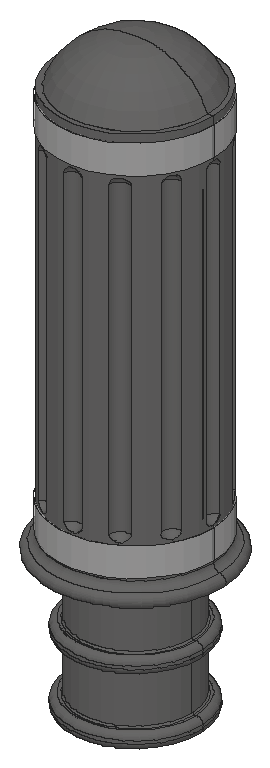
Revit family "Pilona Milos", category Furniture, Revit 2020
Family settings
  OmniClass Number = 23.40.20.00
  OmniClass Title = General Furniture and Specialties
  Work Plane-Based = No
  Always vertical = Yes
  Cut with Voids When Loaded = No
  Shared = No
  Room Calculation Point = No
Parameters (values of type "Pilona Milos-H415-175mm")
  URL Producto = "https://www.benito.com/es/mobiliario-urbano/pilonas-semiflexibles/milos--H415.html"
  Type Comments = "Con dos bandas reflectantes en la parte superior e inferior"
  Referencia = "H415"
  Material = Polietilieno
  H1 = 0.135 m
  H = 0.585 m
  Ficha Tecnica = "https://www.benito.com/es/download/data-sheet-H415"
  Fabricante = "BENITO URBAN SL"
  Description = "Pilona fabricada en polietileno de baja y alta densidad, compactado. Interior con goma reciclada de caucho"
  Default Elevation = 0.000 m
  A = 0.175 m
Reference planes (m)
  plane 1 "Center (Front/Back)": y = 0
  plane 2: z = 0
  plane 3 "Center (Left/Right)": x = 0
  plane 4: z = 0.585
  plane 5: x = -0.0875
  plane 6: x = 0.0875
Forms (m)
  Revolve 1, solid, material "Milos"
    sketch origin (0, 0, 0) x (1, 0, 0) y (0, 0, 1)
      loop
        line (-0.070711, 0.542136) -> (-0.075711, 0.542136) -> (-0.075711, 0.154159)
        arc (-0.075711, 0.154159) -> (-0.077556, 0.149294) -> (-0.082163, 0.146876) r 0.007337
        arc (-0.082163, 0.146876) -> (-0.087498, 0.141362) -> (-0.083211, 0.135) r 0.006093
        line (-0.083211, 0.135) -> (-0.060261, 0.135)
        arc (-0.060261, 0.135) -> (-0.056726, 0.133536) -> (-0.055261, 0.13) r 0.005
        line (-0.055261, 0.13) -> (-0.055261, 0.0815)
        arc (-0.055261, 0.0815) -> (-0.055701, 0.080439) -> (-0.056761, 0.08) r 0.0015
        line (-0.056761, 0.08) -> (-0.059261, 0.08)
        arc (-0.059261, 0.08) -> (-0.063504, 0.078243) -> (-0.065261, 0.074) r 0.006
        line (-0.065261, 0.074) -> (-0.065261, 0.071)
        arc (-0.065261, 0.071) -> (-0.063504, 0.066757) -> (-0.059261, 0.065) r 0.006
        line (-0.059261, 0.065) -> (-0.056761, 0.065)
        arc (-0.056761, 0.065) -> (-0.055701, 0.064561) -> (-0.055261, 0.0635) r 0.0015
        line (-0.055261, 0.0635) -> (-0.055261, 0.0165)
        arc (-0.055261, 0.0165) -> (-0.055701, 0.015439) -> (-0.056761, 0.015) r 0.0015
        line (-0.056761, 0.015) -> (-0.059261, 0.015)
        arc (-0.059261, 0.015) -> (-0.063504, 0.013243) -> (-0.065261, 0.009) r 0.006
        line (-0.065261, 0.009) -> (-0.065261, 0.006)
        arc (-0.065261, 0.006) -> (-0.063504, 0.001757) -> (-0.059261, 0) r 0.006
        line (-0.059261, 0) -> (-0.055261, 0) -> (0, 0) -> (0, 0.585)
        arc (0, 0.585) -> (-0.042307, 0.575035) -> (-0.070711, 0.542136) r 0.070441
      axis (0, 0) -> (0, 0.585)
    angle from 0 to 360
  Extrusion 2, solid, material "Milos1"
    sketch origin (0, 0, 0) x (1, 0, 0) y (0, 1, 0)
      loop
        circle (0, 0) r 0.077
      loop
        circle (0, 0) r 0.0755
    from 0.155883 to 0.185
  Extrusion 3, solid, material "Milos1"
    sketch origin (0, 0, 0.35) x (1, 0, 0) y (0, 1, 0)
      loop
        circle (0, 0) r 0.077
      loop
        circle (0, 0) r 0.0755
    from 0.155883 to 0.185
  Revolve 4, void
    sketch origin (0, -0.077375, 0) x (1, 0, 0) y (0, 0, 1)
      loop
        line (-0.009063, 0.496657) -> (-0.009063, 0.192615)
        arc (-0.009063, 0.192615) -> (-0.005357, 0.188363) -> (0, 0.186595) r 0.010669
        line (0, 0.186595) -> (0, 0.504262)
        arc (0, 0.504262) -> (-0.005682, 0.501831) -> (-0.009063, 0.496657) r 0.010669
      axis (0, 0.186595) -> (0, 0.504262)
    angle from 0 to 360
  Revolve 5, void
    sketch origin (-0.038688, -0.067009, 0) x (0.866025, -0.5, 0) y (0, 0, 1)
      loop
        line (-0.009063, 0.496657) -> (-0.009063, 0.192615)
        arc (-0.009063, 0.192615) -> (-0.005357, 0.188363) -> (0, 0.186595) r 0.010669
        line (0, 0.186595) -> (0, 0.504262)
        arc (0, 0.504262) -> (-0.005682, 0.501831) -> (-0.009063, 0.496657) r 0.010669
      axis (0, 0.186595) -> (0, 0.504262)
    angle from 0 to 360
  Revolve 6, void
    sketch origin (0.038687, -0.067009, 0) x (0.866025, 0.5, 0) y (0, 0, 1)
      loop
        line (-0.009063, 0.496657) -> (-0.009063, 0.192615)
        arc (-0.009063, 0.192615) -> (-0.005357, 0.188363) -> (0, 0.186595) r 0.010669
        line (0, 0.186595) -> (0, 0.504262)
        arc (0, 0.504262) -> (-0.005682, 0.501831) -> (-0.009063, 0.496657) r 0.010669
      axis (0, 0.186595) -> (0, 0.504262)
    angle from 0 to 360
  Revolve 7, void
    sketch origin (0.067009, -0.038688, 0) x (0.5, 0.866025, 0) y (0, 0, 1)
      loop
        line (-0.009063, 0.496657) -> (-0.009063, 0.192615)
        arc (-0.009063, 0.192615) -> (-0.005357, 0.188363) -> (0, 0.186595) r 0.010669
        line (0, 0.186595) -> (0, 0.504262)
        arc (0, 0.504262) -> (-0.005682, 0.501831) -> (-0.009063, 0.496657) r 0.010669
      axis (0, 0.186595) -> (0, 0.504262)
    angle from 0 to 360
  Revolve 8, void
    sketch origin (0.077375, 0, 0) x (0, 1, 0) y (0, 0, 1)
      loop
        line (-0.009063, 0.496657) -> (-0.009063, 0.192615)
        arc (-0.009063, 0.192615) -> (-0.005357, 0.188363) -> (0, 0.186595) r 0.010669
        line (0, 0.186595) -> (0, 0.504262)
        arc (0, 0.504262) -> (-0.005682, 0.501831) -> (-0.009063, 0.496657) r 0.010669
      axis (0, 0.186595) -> (0, 0.504262)
    angle from 0 to 360
  Revolve 9, void
    sketch origin (0.067009, 0.038687, 0) x (-0.5, 0.866025, 0) y (0, 0, 1)
      loop
        line (-0.009063, 0.496657) -> (-0.009063, 0.192615)
        arc (-0.009063, 0.192615) -> (-0.005357, 0.188363) -> (0, 0.186595) r 0.010669
        line (0, 0.186595) -> (0, 0.504262)
        arc (0, 0.504262) -> (-0.005682, 0.501831) -> (-0.009063, 0.496657) r 0.010669
      axis (0, 0.186595) -> (0, 0.504262)
    angle from 0 to 360
  Revolve 10, void
    sketch origin (0.038688, 0.067009, 0) x (-0.866025, 0.5, 0) y (0, 0, 1)
      loop
        line (-0.009063, 0.496657) -> (-0.009063, 0.192615)
        arc (-0.009063, 0.192615) -> (-0.005357, 0.188363) -> (0, 0.186595) r 0.010669
        line (0, 0.186595) -> (0, 0.504262)
        arc (0, 0.504262) -> (-0.005682, 0.501831) -> (-0.009063, 0.496657) r 0.010669
      axis (0, 0.186595) -> (0, 0.504262)
    angle from 0 to 360
  Revolve 11, void
    sketch origin (0, 0.077375, 0) x (-1, 0, 0) y (0, 0, 1)
      loop
        line (-0.009063, 0.496657) -> (-0.009063, 0.192615)
        arc (-0.009063, 0.192615) -> (-0.005357, 0.188363) -> (0, 0.186595) r 0.010669
        line (0, 0.186595) -> (0, 0.504262)
        arc (0, 0.504262) -> (-0.005682, 0.501831) -> (-0.009063, 0.496657) r 0.010669
      axis (0, 0.186595) -> (0, 0.504262)
    angle from 0 to 360
  Revolve 12, void
    sketch origin (-0.038687, 0.067009, 0) x (-0.866025, -0.5, 0) y (0, 0, 1)
      loop
        line (-0.009063, 0.496657) -> (-0.009063, 0.192615)
        arc (-0.009063, 0.192615) -> (-0.005357, 0.188363) -> (0, 0.186595) r 0.010669
        line (0, 0.186595) -> (0, 0.504262)
        arc (0, 0.504262) -> (-0.005682, 0.501831) -> (-0.009063, 0.496657) r 0.010669
      axis (0, 0.186595) -> (0, 0.504262)
    angle from 0 to 360
  Revolve 13, void
    sketch origin (-0.067009, 0.038688, 0) x (-0.5, -0.866025, 0) y (0, 0, 1)
      loop
        line (-0.009063, 0.496657) -> (-0.009063, 0.192615)
        arc (-0.009063, 0.192615) -> (-0.005357, 0.188363) -> (0, 0.186595) r 0.010669
        line (0, 0.186595) -> (0, 0.504262)
        arc (0, 0.504262) -> (-0.005682, 0.501831) -> (-0.009063, 0.496657) r 0.010669
      axis (0, 0.186595) -> (0, 0.504262)
    angle from 0 to 360
  Revolve 14, void
    sketch origin (-0.077375, 0, 0) x (0, -1, 0) y (0, 0, 1)
      loop
        line (-0.009063, 0.496657) -> (-0.009063, 0.192615)
        arc (-0.009063, 0.192615) -> (-0.005357, 0.188363) -> (0, 0.186595) r 0.010669
        line (0, 0.186595) -> (0, 0.504262)
        arc (0, 0.504262) -> (-0.005682, 0.501831) -> (-0.009063, 0.496657) r 0.010669
      axis (0, 0.186595) -> (0, 0.504262)
    angle from 0 to 360
  Revolve 15, void
    sketch origin (-0.067009, -0.038687, 0) x (0.5, -0.866025, 0) y (0, 0, 1)
      loop
        line (-0.009063, 0.496657) -> (-0.009063, 0.192615)
        arc (-0.009063, 0.192615) -> (-0.005357, 0.188363) -> (0, 0.186595) r 0.010669
        line (0, 0.186595) -> (0, 0.504262)
        arc (0, 0.504262) -> (-0.005682, 0.501831) -> (-0.009063, 0.496657) r 0.010669
      axis (0, 0.186595) -> (0, 0.504262)
    angle from 0 to 360
Cuts and joins
  Revolve 4, Revolve 5, Revolve 6, Revolve 7, Revolve 8, Revolve 9, Revolve 10, Revolve 11, Revolve 12, Revolve 13, Revolve 14, Revolve 15 cuts Revolve 1
Dimensions and locks (m)
  plane 4 to level = 0.585 m
  cut or joined group of Revolve 1, Revolve 4, Revolve 5, Revolve 6, Revolve 7, Revolve 8, Revolve 9, Revolve 10, Revolve 11, Revolve 12, Revolve 13, Revolve 14, Revolve 15 to level = 0.135 m
  plane 5 to plane 6 = 0.175 m
  aligned and locked: level to plane 2
